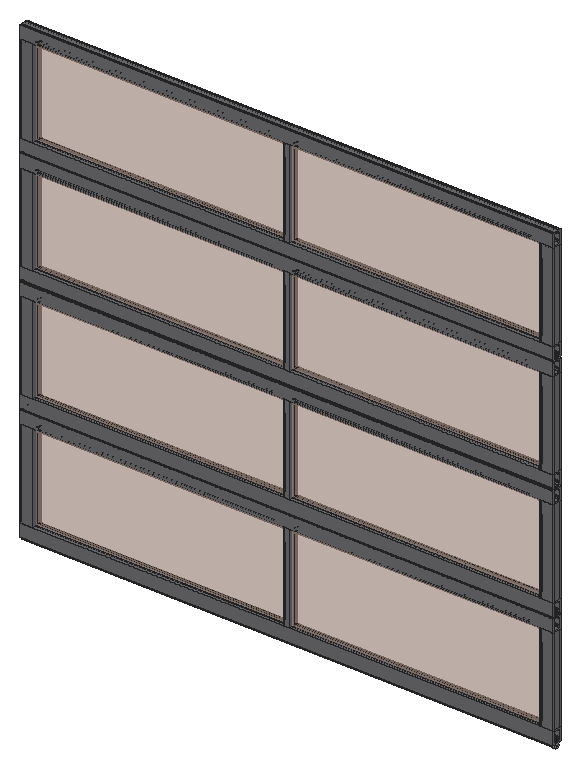
Revit family "GAS 12P CG", category Doors, host Wall, Revit 2024 (continued)
Automatic sketch dimensions
  Extrusion 2 sketch curve to Extrusion 2 sketch curve = 4 mm  (x12)
  Extrusion 2 sketch curve to Extrusion 2 sketch curve = 1.8 mm  (x58)
  Extrusion 2 sketch curve to Extrusion 2 sketch curve = 2 mm  (x29)
  Extrusion 2 sketch curve to Extrusion 2 sketch curve = 1.5 mm  (x6)
  Extrusion 2 sketch curve to Extrusion 2 sketch curve = 14 mm  (x6)
  Extrusion 2 sketch curve to Extrusion 2 sketch curve = 2.75 mm  (x6)
  Extrusion 2 sketch curve to Extrusion 2 sketch curve = 20.6 mm  (x3)
  Extrusion 2 sketch curve to Extrusion 2 sketch curve = 0 mm  (x19)
  Extrusion 2 sketch curve to Extrusion 2 sketch curve = 13.15 mm  (x6)
  Extrusion 2 sketch curve to Extrusion 2 sketch curve = 9.4 mm  (x3)
  Extrusion 2 sketch curve to Extrusion 2 sketch curve = 1.6 mm  (x15)
  Extrusion 2 sketch curve to Extrusion 2 sketch curve = 1.75 mm
  plane 5 to Extrusion 2 sketch curve = 438 mm
  Extrusion 2 sketch curve to Extrusion 2 sketch curve = 0.993 mm  (x6)
  Extrusion 2 sketch curve to Extrusion 2 sketch curve = 1.066 mm  (x4)
  Extrusion 2 sketch curve to Extrusion 2 sketch curve = 0.241 mm  (x6)
  Extrusion 2 sketch curve to Extrusion 2 sketch curve = 0.402 mm  (x6)
  Extrusion 2 sketch curve to Extrusion 2 sketch curve = 0.493 mm  (x3)
  Extrusion 2 sketch curve to Extrusion 2 sketch curve = 1.205 mm  (x4)
  Extrusion 2 sketch curve to Extrusion 2 sketch curve = 7.947 mm  (x6)
  Extrusion 2 sketch curve to Extrusion 2 sketch curve = 10.547 mm  (x6)
  Extrusion 2 sketch curve to Extrusion 2 sketch curve = 0.953 mm  (x48)
  Extrusion 2 sketch curve to Extrusion 2 sketch curve = 3 mm  (x24)
  Extrusion 2 sketch curve to Extrusion 2 sketch curve = 25.295 mm  (x12)
  Extrusion 2 sketch curve to Extrusion 2 sketch curve = 7.147 mm  (x12)
  Extrusion 2 sketch curve to Extrusion 2 sketch curve = 6 mm  (x6)
  Extrusion 2 sketch curve to Extrusion 2 sketch curve = 0.8 mm  (x3)
  Extrusion 2 sketch curve to Extrusion 2 sketch curve = 1.293 mm  (x5)
  Extrusion 2 sketch curve to Extrusion 2 sketch curve = 413 mm  (x2)
  Extrusion 3 sketch curve to level = 0 mm
  Extrusion 3 sketch curve to plane 12 = 32.1 mm
  Extrusion 3 sketch curve to Extrusion 3 sketch curve = 5 mm  (x2)
  Extrusion 3 sketch curve to Extrusion 3 sketch curve = 2 mm  (x2)
  level to Extrusion 3 sketch curve = 2.881 mm
  Extrusion 3 sketch curve to Extrusion 3 sketch curve = 3 mm  (x2)
  Extrusion 3 sketch curve to Extrusion 3 sketch curve = 6 mm
  Extrusion 3 sketch curve to Extrusion 3 sketch curve = 11.123 mm
  Extrusion 3 sketch curve to Extrusion 3 sketch curve = 0 mm  (x4)
  Extrusion 3 sketch curve to Extrusion 3 sketch curve = 0.629 mm
  Extrusion 3 sketch curve to Extrusion 3 sketch curve = 2.276 mm
  Extrusion 3 sketch curve to Extrusion 3 sketch curve = 2.905 mm
  Extrusion 3 sketch curve to Extrusion 3 sketch curve = 1.368 mm
  Extrusion 3 sketch curve to Extrusion 3 sketch curve = 4.624 mm
  Extrusion 4 sketch curve to plane 12 = 41.25 mm  (x3)
  Extrusion 4 sketch curve to Extrusion 4 sketch curve = 0 mm  (x27)
  Extrusion 4 sketch curve to Extrusion 4 sketch curve = 2.5 mm  (x24)
  Extrusion 4 sketch curve to Extrusion 4 sketch curve = 1 mm  (x24)
  Extrusion 4 sketch curve to plane 12 = 8.95 mm  (x6)
  level to Extrusion 4 sketch curve = 549.846 mm
  Extrusion 4 sketch curve to Extrusion 4 sketch curve = 2.027 mm  (x15)
  Extrusion 4 sketch curve to Extrusion 4 sketch curve = 6.253 mm  (x6)
  Extrusion 4 sketch curve to Extrusion 4 sketch curve = 526.693 mm
  plane 5 to Extrusion 4 sketch curve = 507.154 mm
  Extrusion 4 sketch curve to Extrusion 4 sketch curve = 2.489 mm  (x12)
  Extrusion 4 sketch curve to Extrusion 4 sketch curve = 1.503 mm  (x12)
  Extrusion 5 sketch curve to plane 10 "Garage Right" = 0 mm  (x3)
  Extrusion 5 sketch curve to plane 9 "Garage Left" = 0 mm  (x3)
  plane 10 "Garage Right" to Extrusion 5 sketch curve = 1.8 mm  (x4)
  Extrusion 5 sketch curve to Extrusion 5 sketch curve = 0 mm  (x3)
  Extrusion 5 sketch curve to Extrusion 5 sketch curve = 2 mm  (x6)
  Extrusion 5 sketch curve to Extrusion 5 sketch curve = 1.6 mm  (x4)
  Extrusion 5 sketch curve to Extrusion 5 sketch curve = 7.147 mm  (x2)
  Extrusion 5 sketch curve to plane 12 = 1.85 mm  (x6)
  Extrusion 5 sketch curve to Extrusion 5 sketch curve = 0.953 mm  (x16)
  Extrusion 5 sketch curve to plane 12 = 2.4 mm  (x4)
  Extrusion 5 sketch curve to Extrusion 5 sketch curve = 3 mm  (x8)
  Extrusion 5 sketch curve to plane 3 "Left" = 12.747 mm  (x2)
  Extrusion 5 sketch curve to Extrusion 5 sketch curve = 7.947 mm  (x2)
  Extrusion 5 sketch curve to Extrusion 5 sketch curve = 1.8 mm  (x22)
  Extrusion 5 sketch curve to Extrusion 5 sketch curve = 0.8 mm  (x3)
  Extrusion 5 sketch curve to Extrusion 5 sketch curve = 1.205 mm  (x3)
  Extrusion 5 sketch curve to Extrusion 5 sketch curve = 1.293 mm  (x3)
  Extrusion 5 sketch curve to Extrusion 5 sketch curve = 0.241 mm  (x4)
  Extrusion 5 sketch curve to Extrusion 5 sketch curve = 0.402 mm  (x4)
  Extrusion 5 sketch curve to plane 12 = 0.1 mm  (x3)
  Extrusion 5 sketch curve to plane 2 "Center (Left/Right)" = 15 mm  (x2)
  Extrusion 5 sketch curve to Extrusion 5 sketch curve = 0.993 mm  (x2)
  Extrusion 5 sketch curve to Extrusion 5 sketch curve = 1.066 mm  (x3)
  Extrusion 5 sketch curve to Extrusion 5 sketch curve = 0.405 mm
  plane 2 "Center (Left/Right)" to Extrusion 5 sketch curve = 10.6 mm
  Extrusion 5 sketch curve to Extrusion 5 sketch curve = 2.6 mm
  plane 4 "Right" to Extrusion 5 sketch curve = 30 mm
  Extrusion 5 sketch curve to plane 12 = 10.1 mm
  Extrusion 5 sketch curve to plane 12 = 8.6 mm
  Extrusion 5 sketch curve to Extrusion 5 sketch curve = 0.493 mm
  Extrusion 5 sketch curve to Extrusion 5 sketch curve = 10.547 mm
  Extrusion 5 sketch curve to plane 4 "Right" = 12.547 mm  (x2)
  plane 9 "Garage Left" to Extrusion 5 sketch curve = 5.4 mm  (x2)
  plane 9 "Garage Left" to Extrusion 5 sketch curve = 1.8 mm  (x4)
  Extrusion 5 sketch curve to Extrusion 5 sketch curve = 8.25 mm  (x2)
  Extrusion 5 sketch curve to plane 12 = 11.8 mm
  Extrusion 5 sketch curve to Extrusion 5 sketch curve = 9.95 mm
  Extrusion 5 sketch curve to Extrusion 5 sketch curve = 14 mm  (x2)
  Extrusion 5 sketch curve to Extrusion 5 sketch curve = 22.25 mm
  Extrusion 5 sketch curve to Extrusion 5 sketch curve = 24 mm
  Extrusion 5 sketch curve to Extrusion 5 sketch curve = 2.75 mm  (x4)
  Extrusion 5 sketch curve to Extrusion 5 sketch curve = 20.6 mm  (x2)
  Extrusion 5 sketch curve to Extrusion 5 sketch curve = 4 mm  (x3)
  Extrusion 5 sketch curve to Extrusion 5 sketch curve = 13.15 mm  (x2)
  Extrusion 5 sketch curve to Extrusion 5 sketch curve = 9.4 mm  (x2)
  Extrusion 5 sketch curve to Extrusion 5 sketch curve = 2.1 mm  (x2)
  Extrusion 5 sketch curve to Extrusion 5 sketch curve = 0.55 mm  (x5)
  Extrusion 5 sketch curve to Extrusion 5 sketch curve = 0.05 mm  (x2)
  Extrusion 5 sketch curve to Extrusion 5 sketch curve = 13.7 mm
  Extrusion 5 sketch curve to Extrusion 5 sketch curve = 1.75 mm  (x2)
  Extrusion 5 sketch curve to Extrusion 5 sketch curve = 10 mm
  Extrusion 5 sketch curve to Extrusion 5 sketch curve = 1.5 mm  (x3)
  Extrusion 5 sketch curve to Extrusion 5 sketch curve = 3.9 mm
  Extrusion 5 sketch curve to plane 12 = 1.9 mm  (x2)
  Extrusion 6 sketch curve to plane 10 "Garage Right" = 0 mm  (x3)
  Extrusion 6 sketch curve to plane 9 "Garage Left" = 0 mm  (x3)
  Extrusion 6 sketch curve to Extrusion 6 sketch curve = 1.8 mm  (x24)
  Extrusion 6 sketch curve to Extrusion 6 sketch curve = 0 mm  (x3)
  plane 10 "Garage Right" to Extrusion 6 sketch curve = 1.8 mm  (x2)
  Extrusion 6 sketch curve to Extrusion 6 sketch curve = 2 mm  (x6)
  Extrusion 6 sketch curve to Extrusion 6 sketch curve = 1.6 mm  (x4)
  Extrusion 6 sketch curve to Extrusion 6 sketch curve = 7.147 mm  (x2)
  Extrusion 6 sketch curve to plane 12 = 1.85 mm  (x6)
  Extrusion 6 sketch curve to Extrusion 6 sketch curve = 0.953 mm  (x16)
  Extrusion 6 sketch curve to plane 12 = 2.4 mm  (x4)
  Extrusion 6 sketch curve to Extrusion 6 sketch curve = 3 mm  (x8)
  Extrusion 6 sketch curve to plane 3 "Left" = 12.747 mm  (x2)
  Extrusion 6 sketch curve to Extrusion 6 sketch curve = 7.947 mm  (x2)
  Extrusion 6 sketch curve to Extrusion 6 sketch curve = 0.8 mm  (x3)
  Extrusion 6 sketch curve to Extrusion 6 sketch curve = 1.205 mm  (x3)
  Extrusion 6 sketch curve to Extrusion 6 sketch curve = 1.293 mm  (x3)
  Extrusion 6 sketch curve to Extrusion 6 sketch curve = 0.241 mm  (x4)
  Extrusion 6 sketch curve to Extrusion 6 sketch curve = 0.402 mm  (x4)
  Extrusion 6 sketch curve to plane 12 = 0.1 mm  (x3)
  Extrusion 6 sketch curve to plane 2 "Center (Left/Right)" = 15 mm  (x2)
  Extrusion 6 sketch curve to Extrusion 6 sketch curve = 0.993 mm  (x2)
  Extrusion 6 sketch curve to Extrusion 6 sketch curve = 1.066 mm  (x3)
  Extrusion 6 sketch curve to Extrusion 6 sketch curve = 0.405 mm
  plane 2 "Center (Left/Right)" to Extrusion 6 sketch curve = 10.6 mm
  Extrusion 6 sketch curve to Extrusion 6 sketch curve = 2.6 mm
  plane 4 "Right" to Extrusion 6 sketch curve = 30 mm
  Extrusion 6 sketch curve to plane 12 = 10.1 mm
  Extrusion 6 sketch curve to plane 12 = 8.6 mm
  Extrusion 6 sketch curve to Extrusion 6 sketch curve = 0.493 mm
  Extrusion 6 sketch curve to Extrusion 6 sketch curve = 10.547 mm
  Extrusion 6 sketch curve to plane 4 "Right" = 12.547 mm  (x2)
  plane 9 "Garage Left" to Extrusion 6 sketch curve = 5.4 mm  (x2)
  plane 9 "Garage Left" to Extrusion 6 sketch curve = 1.8 mm  (x4)
  Extrusion 6 sketch curve to Extrusion 6 sketch curve = 8.25 mm  (x2)
  Extrusion 6 sketch curve to plane 12 = 11.8 mm
  Extrusion 6 sketch curve to Extrusion 6 sketch curve = 9.95 mm
  Extrusion 6 sketch curve to Extrusion 6 sketch curve = 14 mm  (x2)
  Extrusion 6 sketch curve to Extrusion 6 sketch curve = 22.25 mm
  Extrusion 6 sketch curve to Extrusion 6 sketch curve = 24 mm
  Extrusion 6 sketch curve to Extrusion 6 sketch curve = 2.75 mm  (x4)
  Extrusion 6 sketch curve to Extrusion 6 sketch curve = 20.6 mm  (x2)
  Extrusion 6 sketch curve to Extrusion 6 sketch curve = 4 mm  (x3)
  Extrusion 6 sketch curve to Extrusion 6 sketch curve = 13.15 mm  (x2)
  Extrusion 6 sketch curve to Extrusion 6 sketch curve = 9.4 mm  (x2)
  Extrusion 6 sketch curve to Extrusion 6 sketch curve = 2.1 mm  (x2)
  Extrusion 6 sketch curve to Extrusion 6 sketch curve = 0.55 mm  (x5)
  Extrusion 6 sketch curve to Extrusion 6 sketch curve = 0.05 mm  (x2)
  Extrusion 6 sketch curve to Extrusion 6 sketch curve = 13.7 mm
  Extrusion 6 sketch curve to Extrusion 6 sketch curve = 1.75 mm  (x2)
  Extrusion 6 sketch curve to Extrusion 6 sketch curve = 10 mm
  Extrusion 6 sketch curve to Extrusion 6 sketch curve = 1.5 mm  (x3)
  Extrusion 6 sketch curve to Extrusion 6 sketch curve = 3.9 mm
  Extrusion 6 sketch curve to plane 12 = 1.9 mm  (x2)
  Extrusion 7 sketch curve to plane 10 "Garage Right" = 0 mm  (x3)
  Extrusion 7 sketch curve to plane 9 "Garage Left" = 0 mm  (x3)
  Extrusion 7 sketch curve to Extrusion 7 sketch curve = 1.8 mm  (x24)
  Extrusion 7 sketch curve to Extrusion 7 sketch curve = 0 mm  (x3)
  plane 10 "Garage Right" to Extrusion 7 sketch curve = 1.8 mm  (x2)
  Extrusion 7 sketch curve to Extrusion 7 sketch curve = 2 mm  (x6)
  Extrusion 7 sketch curve to Extrusion 7 sketch curve = 1.6 mm  (x4)
  Extrusion 7 sketch curve to Extrusion 7 sketch curve = 7.147 mm  (x2)
  Extrusion 7 sketch curve to plane 12 = 1.85 mm  (x6)
  Extrusion 7 sketch curve to Extrusion 7 sketch curve = 0.953 mm  (x16)
  Extrusion 7 sketch curve to plane 12 = 2.4 mm  (x4)
  Extrusion 7 sketch curve to Extrusion 7 sketch curve = 3 mm  (x8)
  Extrusion 7 sketch curve to plane 3 "Left" = 12.747 mm  (x2)
  Extrusion 7 sketch curve to Extrusion 7 sketch curve = 7.947 mm  (x2)
  Extrusion 7 sketch curve to Extrusion 7 sketch curve = 0.8 mm  (x3)
  Extrusion 7 sketch curve to Extrusion 7 sketch curve = 1.205 mm  (x3)
  Extrusion 7 sketch curve to Extrusion 7 sketch curve = 1.293 mm  (x3)
  Extrusion 7 sketch curve to Extrusion 7 sketch curve = 0.241 mm  (x4)
  Extrusion 7 sketch curve to Extrusion 7 sketch curve = 0.402 mm  (x4)
  Extrusion 7 sketch curve to plane 12 = 0.1 mm  (x3)
  Extrusion 7 sketch curve to plane 2 "Center (Left/Right)" = 15 mm  (x2)
  Extrusion 7 sketch curve to Extrusion 7 sketch curve = 0.993 mm  (x2)
  Extrusion 7 sketch curve to Extrusion 7 sketch curve = 1.066 mm  (x3)
  Extrusion 7 sketch curve to Extrusion 7 sketch curve = 0.405 mm
  plane 2 "Center (Left/Right)" to Extrusion 7 sketch curve = 10.6 mm
  Extrusion 7 sketch curve to Extrusion 7 sketch curve = 2.6 mm
  plane 4 "Right" to Extrusion 7 sketch curve = 30 mm
  Extrusion 7 sketch curve to plane 12 = 10.1 mm
  Extrusion 7 sketch curve to plane 12 = 8.6 mm
  Extrusion 7 sketch curve to Extrusion 7 sketch curve = 0.493 mm
  Extrusion 7 sketch curve to Extrusion 7 sketch curve = 10.547 mm
  Extrusion 7 sketch curve to plane 4 "Right" = 12.547 mm  (x2)
  plane 9 "Garage Left" to Extrusion 7 sketch curve = 5.4 mm  (x2)
  plane 9 "Garage Left" to Extrusion 7 sketch curve = 1.8 mm  (x4)
  Extrusion 7 sketch curve to Extrusion 7 sketch curve = 8.25 mm  (x2)
  Extrusion 7 sketch curve to plane 12 = 11.8 mm
  Extrusion 7 sketch curve to Extrusion 7 sketch curve = 9.95 mm
  Extrusion 7 sketch curve to Extrusion 7 sketch curve = 14 mm  (x2)
  Extrusion 7 sketch curve to Extrusion 7 sketch curve = 22.25 mm
  Extrusion 7 sketch curve to Extrusion 7 sketch curve = 24 mm
  Extrusion 7 sketch curve to Extrusion 7 sketch curve = 2.75 mm  (x4)
  Extrusion 7 sketch curve to Extrusion 7 sketch curve = 20.6 mm  (x2)
  Extrusion 7 sketch curve to Extrusion 7 sketch curve = 4 mm  (x3)
  Extrusion 7 sketch curve to Extrusion 7 sketch curve = 13.15 mm  (x2)
  Extrusion 7 sketch curve to Extrusion 7 sketch curve = 9.4 mm  (x2)
  Extrusion 7 sketch curve to Extrusion 7 sketch curve = 2.1 mm  (x2)
  Extrusion 7 sketch curve to Extrusion 7 sketch curve = 0.55 mm  (x5)
  Extrusion 7 sketch curve to Extrusion 7 sketch curve = 0.05 mm  (x2)
  Extrusion 7 sketch curve to Extrusion 7 sketch curve = 13.7 mm
  Extrusion 7 sketch curve to Extrusion 7 sketch curve = 1.75 mm  (x2)
  Extrusion 7 sketch curve to Extrusion 7 sketch curve = 10 mm
  Extrusion 7 sketch curve to Extrusion 7 sketch curve = 1.5 mm  (x3)
  Extrusion 7 sketch curve to Extrusion 7 sketch curve = 3.9 mm
  Extrusion 7 sketch curve to plane 12 = 1.9 mm  (x2)
  Extrusion 8 sketch curve to plane 10 "Garage Right" = 0 mm  (x3)
  Extrusion 8 sketch curve to plane 9 "Garage Left" = 0 mm  (x3)
  plane 10 "Garage Right" to Extrusion 8 sketch curve = 1.8 mm  (x4)
  Extrusion 8 sketch curve to Extrusion 8 sketch curve = 0 mm  (x3)
  Extrusion 8 sketch curve to Extrusion 8 sketch curve = 2 mm  (x6)
  Extrusion 8 sketch curve to Extrusion 8 sketch curve = 1.6 mm  (x4)
  Extrusion 8 sketch curve to Extrusion 8 sketch curve = 7.147 mm  (x2)
  Extrusion 8 sketch curve to plane 12 = 1.85 mm  (x6)
  Extrusion 8 sketch curve to Extrusion 8 sketch curve = 0.953 mm  (x16)
  Extrusion 8 sketch curve to plane 12 = 2.4 mm  (x4)
  Extrusion 8 sketch curve to Extrusion 8 sketch curve = 3 mm  (x8)
  Extrusion 8 sketch curve to plane 3 "Left" = 12.747 mm  (x2)
  Extrusion 8 sketch curve to Extrusion 8 sketch curve = 7.947 mm  (x2)
  Extrusion 8 sketch curve to Extrusion 8 sketch curve = 1.8 mm  (x22)
  Extrusion 8 sketch curve to Extrusion 8 sketch curve = 0.8 mm  (x3)
  Extrusion 8 sketch curve to Extrusion 8 sketch curve = 1.205 mm  (x3)
  Extrusion 8 sketch curve to Extrusion 8 sketch curve = 1.293 mm  (x3)
  Extrusion 8 sketch curve to Extrusion 8 sketch curve = 0.241 mm  (x4)
  Extrusion 8 sketch curve to Extrusion 8 sketch curve = 0.402 mm  (x4)
  Extrusion 8 sketch curve to plane 12 = 0.1 mm  (x3)
  Extrusion 8 sketch curve to plane 2 "Center (Left/Right)" = 15 mm  (x2)
  Extrusion 8 sketch curve to Extrusion 8 sketch curve = 0.993 mm  (x2)
  Extrusion 8 sketch curve to Extrusion 8 sketch curve = 1.066 mm  (x3)
  Extrusion 8 sketch curve to Extrusion 8 sketch curve = 0.405 mm
  plane 2 "Center (Left/Right)" to Extrusion 8 sketch curve = 10.6 mm
  Extrusion 8 sketch curve to Extrusion 8 sketch curve = 2.6 mm
  plane 4 "Right" to Extrusion 8 sketch curve = 30 mm
  Extrusion 8 sketch curve to plane 12 = 10.1 mm
  Extrusion 8 sketch curve to plane 12 = 8.6 mm
  Extrusion 8 sketch curve to Extrusion 8 sketch curve = 0.493 mm
  Extrusion 8 sketch curve to Extrusion 8 sketch curve = 10.547 mm
  Extrusion 8 sketch curve to plane 4 "Right" = 12.547 mm  (x2)
  plane 9 "Garage Left" to Extrusion 8 sketch curve = 5.4 mm  (x2)
  plane 9 "Garage Left" to Extrusion 8 sketch curve = 1.8 mm  (x4)
  Extrusion 8 sketch curve to Extrusion 8 sketch curve = 8.25 mm  (x2)
  Extrusion 8 sketch curve to plane 12 = 11.8 mm
  Extrusion 8 sketch curve to Extrusion 8 sketch curve = 9.95 mm
  Extrusion 8 sketch curve to Extrusion 8 sketch curve = 14 mm  (x2)
  Extrusion 8 sketch curve to Extrusion 8 sketch curve = 22.25 mm
  Extrusion 8 sketch curve to Extrusion 8 sketch curve = 24 mm
  Extrusion 8 sketch curve to Extrusion 8 sketch curve = 2.75 mm  (x4)
  Extrusion 8 sketch curve to Extrusion 8 sketch curve = 20.6 mm  (x2)
  Extrusion 8 sketch curve to Extrusion 8 sketch curve = 4 mm  (x3)
  Extrusion 8 sketch curve to Extrusion 8 sketch curve = 13.15 mm  (x2)
  Extrusion 8 sketch curve to Extrusion 8 sketch curve = 9.4 mm  (x2)
  Extrusion 8 sketch curve to Extrusion 8 sketch curve = 2.1 mm  (x2)
  Extrusion 8 sketch curve to Extrusion 8 sketch curve = 0.55 mm  (x5)
  Extrusion 8 sketch curve to Extrusion 8 sketch curve = 0.05 mm  (x2)
  Extrusion 8 sketch curve to Extrusion 8 sketch curve = 13.7 mm
  Extrusion 8 sketch curve to Extrusion 8 sketch curve = 1.75 mm  (x2)
  Extrusion 8 sketch curve to Extrusion 8 sketch curve = 10 mm
  Extrusion 8 sketch curve to Extrusion 8 sketch curve = 1.5 mm  (x3)
  Extrusion 8 sketch curve to Extrusion 8 sketch curve = 3.9 mm
  Extrusion 8 sketch curve to plane 12 = 1.9 mm  (x2)
  plane 2 "Center (Left/Right)" to Sweep 9 sketch curve = 15 mm
  plane 4 "Right" to Sweep 9 sketch curve = 30.007 mm
  level to Sweep 9 sketch curve = 79.909 mm
  Sweep 9 sketch curve to Sweep 9 sketch curve = 413.091 mm
  Sweep 9 sketch curve to profile plane = 0 mm
  profile plane to Sweep 9 sketch curve = 0.833 mm
  profile plane to Sweep 9 sketch curve = 1.4 mm
  Sweep 9 sketch curve to Sweep 9 sketch curve = 0.567 mm
  Sweep 9 sketch curve to Sweep 9 sketch curve = 0.2 mm
  Sweep 9 sketch curve to Sweep 9 sketch curve = 0.5 mm  (x3)
  Sweep 9 sketch curve to profile plane = 0.455 mm
  Sweep 9 sketch curve to profile plane = 0.6 mm
  Sweep 9 sketch curve to Sweep 9 sketch curve = 0.333 mm
  Sweep 9 sketch curve to profile plane = 6.899 mm
  Sweep 9 sketch curve to Sweep 9 sketch curve = 1.1 mm
  Sweep 9 sketch curve to Sweep 9 sketch curve = 1.4 mm  (x2)
  Sweep 9 sketch curve to Sweep 9 sketch curve = 1.422 mm
  Sweep 9 sketch curve to Sweep 9 sketch curve = 0.778 mm  (x2)
  Sweep 9 sketch curve to Sweep 9 sketch curve = 2.987 mm
  Sweep 9 sketch curve to Sweep 9 sketch curve = 0.018 mm
  Sweep 9 sketch curve to Sweep 9 sketch curve = 0.095 mm
  Sweep 9 sketch curve to Sweep 9 sketch curve = 0.868 mm
  Sweep 9 sketch curve to Sweep 9 sketch curve = 1.122 mm  (x2)
  Sweep 9 sketch curve to Sweep 9 sketch curve = 0.47 mm
  Sweep 9 sketch curve to Sweep 9 sketch curve = 0.807 mm
  Sweep 9 sketch curve to Sweep 9 sketch curve = 1.2 mm
  profile plane to Sweep 9 sketch curve = 54.681 mm
  Sweep 9 sketch curve to Sweep 9 sketch curve = 0.212 mm
  Sweep 9 sketch curve to Sweep 9 sketch curve = 1.3 mm
  Sweep 9 sketch curve to Sweep 9 sketch curve = 1.535 mm
  Sweep 9 sketch curve to Sweep 9 sketch curve = 0.7 mm
  Sweep 9 sketch curve to Sweep 9 sketch curve = 0.3 mm  (x2)
  Sweep 9 sketch curve to Sweep 9 sketch curve = 0.6 mm
  Sweep 9 sketch curve to Sweep 9 sketch curve = 7.377 mm
  Sweep 9 sketch curve to Sweep 9 sketch curve = 0.456 mm
  Sweep 9 sketch curve to Sweep 9 sketch curve = 0.922 mm
  Sweep 9 sketch curve to Sweep 9 sketch curve = 0.163 mm
  Sweep 9 sketch curve to Sweep 9 sketch curve = 1.244 mm
  Sweep 9 sketch curve to Sweep 9 sketch curve = 0.394 mm
  Sweep 9 sketch curve to Sweep 9 sketch curve = 0.4 mm
  Sweep 9 sketch curve to Sweep 9 sketch curve = 0.837 mm
  Sweep 9 sketch curve to Sweep 9 sketch curve = 2.5 mm
  Extrusion 10 sketch curve to plane 12 = 29.416 mm
  Extrusion 10 sketch curve to Extrusion 10 sketch curve = 6 mm
  level to Extrusion 10 sketch curve = 493 mm
  level to Extrusion 10 sketch curve = 79.909 mm
  Extrusion 11 sketch curve to plane 12 = 29.416 mm
  Extrusion 11 sketch curve to Extrusion 11 sketch curve = 6 mm
  level to Extrusion 11 sketch curve = 1032 mm
  Extrusion 11 sketch curve to Extrusion 11 sketch curve = 413 mm
  Extrusion 12 sketch curve to plane 12 = 29.416 mm
  Extrusion 12 sketch curve to Extrusion 12 sketch curve = 6 mm
  plane 5 to Extrusion 12 sketch curve = 564 mm
  Extrusion 12 sketch curve to Extrusion 12 sketch curve = 413 mm
  Extrusion 13 sketch curve to plane 12 = 29.416 mm
  Extrusion 13 sketch curve to Extrusion 13 sketch curve = 6 mm
  plane 5 to Extrusion 13 sketch curve = 25 mm
  Extrusion 13 sketch curve to Extrusion 13 sketch curve = 413 mm
  Extrusion 14 sketch curve to plane 12 = 29.416 mm
  Extrusion 14 sketch curve to Extrusion 14 sketch curve = 6 mm
  level to Extrusion 14 sketch curve = 79.909 mm
  Extrusion 14 sketch curve to Extrusion 14 sketch curve = 413.091 mm
  Extrusion 15 sketch curve to plane 12 = 29.416 mm
  Extrusion 15 sketch curve to Extrusion 15 sketch curve = 6 mm
  level to Extrusion 15 sketch curve = 619 mm
  Extrusion 15 sketch curve to Extrusion 15 sketch curve = 413 mm
  Extrusion 16 sketch curve to plane 12 = 29.416 mm
  Extrusion 16 sketch curve to Extrusion 16 sketch curve = 6 mm
  plane 5 to Extrusion 16 sketch curve = 977 mm
  Extrusion 16 sketch curve to Extrusion 16 sketch curve = 413 mm
  Extrusion 17 sketch curve to plane 12 = 29.416 mm
  Extrusion 17 sketch curve to Extrusion 17 sketch curve = 6 mm
  plane 5 to Extrusion 17 sketch curve = 438 mm
  plane 5 to Extrusion 17 sketch curve = 25 mm
  plane 2 "Center (Left/Right)" to Sweep 18 sketch curve = 15 mm
  plane 4 "Right" to Sweep 18 sketch curve = 30.007 mm
  level to Sweep 18 sketch curve = 618.909 mm
  Sweep 18 sketch curve to Sweep 18 sketch curve = 413.091 mm
  Sweep 18 sketch curve to profile plane = 0 mm
  profile plane to Sweep 18 sketch curve = 0.833 mm
  profile plane to Sweep 18 sketch curve = 1.4 mm
  Sweep 18 sketch curve to Sweep 18 sketch curve = 0.567 mm
  Sweep 18 sketch curve to Sweep 18 sketch curve = 0.2 mm
  Sweep 18 sketch curve to Sweep 18 sketch curve = 0.5 mm  (x3)
  Sweep 18 sketch curve to profile plane = 0.455 mm
  Sweep 18 sketch curve to profile plane = 0.6 mm
  Sweep 18 sketch curve to Sweep 18 sketch curve = 0.333 mm
  Sweep 18 sketch curve to profile plane = 6.899 mm
  Sweep 18 sketch curve to Sweep 18 sketch curve = 1.1 mm
  Sweep 18 sketch curve to Sweep 18 sketch curve = 1.4 mm  (x2)
  Sweep 18 sketch curve to Sweep 18 sketch curve = 1.422 mm
  Sweep 18 sketch curve to Sweep 18 sketch curve = 0.778 mm  (x2)
  Sweep 18 sketch curve to Sweep 18 sketch curve = 2.987 mm
  Sweep 18 sketch curve to Sweep 18 sketch curve = 0.018 mm
  Sweep 18 sketch curve to Sweep 18 sketch curve = 0.095 mm
  Sweep 18 sketch curve to Sweep 18 sketch curve = 0.868 mm
  Sweep 18 sketch curve to Sweep 18 sketch curve = 1.122 mm  (x2)
  Sweep 18 sketch curve to Sweep 18 sketch curve = 0.47 mm
  Sweep 18 sketch curve to Sweep 18 sketch curve = 0.807 mm
  Sweep 18 sketch curve to Sweep 18 sketch curve = 1.2 mm
  profile plane to Sweep 18 sketch curve = 54.681 mm
  Sweep 18 sketch curve to Sweep 18 sketch curve = 0.212 mm
  Sweep 18 sketch curve to Sweep 18 sketch curve = 1.3 mm
  Sweep 18 sketch curve to Sweep 18 sketch curve = 1.535 mm
  Sweep 18 sketch curve to Sweep 18 sketch curve = 0.7 mm
  Sweep 18 sketch curve to Sweep 18 sketch curve = 0.3 mm  (x2)
  Sweep 18 sketch curve to Sweep 18 sketch curve = 0.6 mm
  Sweep 18 sketch curve to Sweep 18 sketch curve = 7.377 mm
  Sweep 18 sketch curve to Sweep 18 sketch curve = 0.456 mm
  Sweep 18 sketch curve to Sweep 18 sketch curve = 0.922 mm
  Sweep 18 sketch curve to Sweep 18 sketch curve = 0.163 mm
  Sweep 18 sketch curve to Sweep 18 sketch curve = 1.244 mm
  Sweep 18 sketch curve to Sweep 18 sketch curve = 0.394 mm
  Sweep 18 sketch curve to Sweep 18 sketch curve = 0.4 mm
  Sweep 18 sketch curve to Sweep 18 sketch curve = 0.837 mm
  Sweep 18 sketch curve to Sweep 18 sketch curve = 2.5 mm
  plane 2 "Center (Left/Right)" to Sweep 19 sketch curve = 15 mm
  plane 4 "Right" to Sweep 19 sketch curve = 30.007 mm
  plane 5 to Sweep 19 sketch curve = 977.091 mm
  Sweep 19 sketch curve to Sweep 19 sketch curve = 413.091 mm
  Sweep 19 sketch curve to profile plane = 0 mm
  profile plane to Sweep 19 sketch curve = 0.833 mm
  profile plane to Sweep 19 sketch curve = 1.4 mm
  Sweep 19 sketch curve to Sweep 19 sketch curve = 0.567 mm
  Sweep 19 sketch curve to Sweep 19 sketch curve = 0.2 mm
  Sweep 19 sketch curve to Sweep 19 sketch curve = 0.5 mm  (x3)
  Sweep 19 sketch curve to profile plane = 0.455 mm
  Sweep 19 sketch curve to profile plane = 0.6 mm
  Sweep 19 sketch curve to Sweep 19 sketch curve = 0.333 mm
  Sweep 19 sketch curve to profile plane = 6.899 mm
  Sweep 19 sketch curve to Sweep 19 sketch curve = 1.1 mm
  Sweep 19 sketch curve to Sweep 19 sketch curve = 1.4 mm  (x2)
  Sweep 19 sketch curve to Sweep 19 sketch curve = 1.422 mm
  Sweep 19 sketch curve to Sweep 19 sketch curve = 0.778 mm  (x2)
  Sweep 19 sketch curve to Sweep 19 sketch curve = 2.987 mm
  Sweep 19 sketch curve to Sweep 19 sketch curve = 0.018 mm
  Sweep 19 sketch curve to Sweep 19 sketch curve = 0.095 mm
  Sweep 19 sketch curve to Sweep 19 sketch curve = 0.868 mm
  Sweep 19 sketch curve to Sweep 19 sketch curve = 1.122 mm  (x2)
  Sweep 19 sketch curve to Sweep 19 sketch curve = 0.47 mm
  Sweep 19 sketch curve to Sweep 19 sketch curve = 0.807 mm
  Sweep 19 sketch curve to Sweep 19 sketch curve = 1.2 mm
  profile plane to Sweep 19 sketch curve = 54.681 mm
  Sweep 19 sketch curve to Sweep 19 sketch curve = 0.212 mm
  Sweep 19 sketch curve to Sweep 19 sketch curve = 1.3 mm
  Sweep 19 sketch curve to Sweep 19 sketch curve = 1.535 mm
  Sweep 19 sketch curve to Sweep 19 sketch curve = 0.7 mm
  Sweep 19 sketch curve to Sweep 19 sketch curve = 0.3 mm  (x2)
  Sweep 19 sketch curve to Sweep 19 sketch curve = 0.6 mm
  Sweep 19 sketch curve to Sweep 19 sketch curve = 7.377 mm
  Sweep 19 sketch curve to Sweep 19 sketch curve = 0.456 mm
  Sweep 19 sketch curve to Sweep 19 sketch curve = 0.922 mm
  Sweep 19 sketch curve to Sweep 19 sketch curve = 0.163 mm
  Sweep 19 sketch curve to Sweep 19 sketch curve = 1.244 mm
  Sweep 19 sketch curve to Sweep 19 sketch curve = 0.394 mm
  Sweep 19 sketch curve to Sweep 19 sketch curve = 0.4 mm
  Sweep 19 sketch curve to Sweep 19 sketch curve = 0.837 mm
  Sweep 19 sketch curve to Sweep 19 sketch curve = 2.5 mm
  plane 2 "Center (Left/Right)" to Sweep 20 sketch curve = 15 mm
  plane 4 "Right" to Sweep 20 sketch curve = 30.007 mm
  plane 5 to Sweep 20 sketch curve = 438.091 mm
  plane 5 to Sweep 20 sketch curve = 25 mm
  Sweep 20 sketch curve to profile plane = 0 mm
  profile plane to Sweep 20 sketch curve = 0.833 mm
  profile plane to Sweep 20 sketch curve = 1.4 mm
  Sweep 20 sketch curve to Sweep 20 sketch curve = 0.567 mm
  Sweep 20 sketch curve to Sweep 20 sketch curve = 0.2 mm
  Sweep 20 sketch curve to Sweep 20 sketch curve = 0.5 mm  (x3)
  Sweep 20 sketch curve to profile plane = 0.455 mm
  Sweep 20 sketch curve to profile plane = 0.6 mm
  Sweep 20 sketch curve to Sweep 20 sketch curve = 0.333 mm
  Sweep 20 sketch curve to profile plane = 6.899 mm
  Sweep 20 sketch curve to Sweep 20 sketch curve = 1.1 mm
  Sweep 20 sketch curve to Sweep 20 sketch curve = 1.4 mm  (x2)
  Sweep 20 sketch curve to Sweep 20 sketch curve = 1.422 mm
  Sweep 20 sketch curve to Sweep 20 sketch curve = 0.778 mm  (x2)
  Sweep 20 sketch curve to Sweep 20 sketch curve = 2.987 mm
  Sweep 20 sketch curve to Sweep 20 sketch curve = 0.018 mm
  Sweep 20 sketch curve to Sweep 20 sketch curve = 0.095 mm
  Sweep 20 sketch curve to Sweep 20 sketch curve = 0.868 mm
  Sweep 20 sketch curve to Sweep 20 sketch curve = 1.122 mm  (x2)
  Sweep 20 sketch curve to Sweep 20 sketch curve = 0.47 mm
  Sweep 20 sketch curve to Sweep 20 sketch curve = 0.807 mm
  Sweep 20 sketch curve to Sweep 20 sketch curve = 1.2 mm
  profile plane to Sweep 20 sketch curve = 54.681 mm
  Sweep 20 sketch curve to Sweep 20 sketch curve = 0.212 mm
  Sweep 20 sketch curve to Sweep 20 sketch curve = 1.3 mm
  Sweep 20 sketch curve to Sweep 20 sketch curve = 1.535 mm
  Sweep 20 sketch curve to Sweep 20 sketch curve = 0.7 mm
  Sweep 20 sketch curve to Sweep 20 sketch curve = 0.3 mm  (x2)
  Sweep 20 sketch curve to Sweep 20 sketch curve = 0.6 mm
  Sweep 20 sketch curve to Sweep 20 sketch curve = 7.377 mm
  Sweep 20 sketch curve to Sweep 20 sketch curve = 0.456 mm
  Sweep 20 sketch curve to Sweep 20 sketch curve = 0.922 mm
  Sweep 20 sketch curve to Sweep 20 sketch curve = 0.163 mm
  Sweep 20 sketch curve to Sweep 20 sketch curve = 1.244 mm
  Sweep 20 sketch curve to Sweep 20 sketch curve = 0.394 mm
  Sweep 20 sketch curve to Sweep 20 sketch curve = 0.4 mm
  Sweep 20 sketch curve to Sweep 20 sketch curve = 0.837 mm
  Sweep 20 sketch curve to Sweep 20 sketch curve = 2.5 mm
  Sweep 21 sketch curve to plane 2 "Center (Left/Right)" = 15 mm
  Sweep 21 sketch curve to plane 3 "Left" = 30.007 mm
  level to Sweep 21 sketch curve = 493 mm
  level to Sweep 21 sketch curve = 79.909 mm
  profile plane to Sweep 21 sketch curve = 0 mm
  profile plane to Sweep 21 sketch curve = 0.455 mm
  profile plane to Sweep 21 sketch curve = 0.6 mm
  Sweep 21 sketch curve to Sweep 21 sketch curve = 0.333 mm
  Sweep 21 sketch curve to Sweep 21 sketch curve = 0.5 mm  (x3)
  profile plane to Sweep 21 sketch curve = 6.899 mm
  Sweep 21 sketch curve to Sweep 21 sketch curve = 1.1 mm
  Sweep 21 sketch curve to Sweep 21 sketch curve = 0.3 mm  (x3)
  Sweep 21 sketch curve to Sweep 21 sketch curve = 1.422 mm
  Sweep 21 sketch curve to Sweep 21 sketch curve = 0.778 mm  (x2)
  Sweep 21 sketch curve to Sweep 21 sketch curve = 2.987 mm
  Sweep 21 sketch curve to Sweep 21 sketch curve = 0.018 mm
  Sweep 21 sketch curve to Sweep 21 sketch curve = 0.095 mm
  Sweep 21 sketch curve to Sweep 21 sketch curve = 0.868 mm
  Sweep 21 sketch curve to Sweep 21 sketch curve = 1.122 mm  (x2)
  Sweep 21 sketch curve to Sweep 21 sketch curve = 0.47 mm
  Sweep 21 sketch curve to Sweep 21 sketch curve = 0.807 mm
  Sweep 21 sketch curve to Sweep 21 sketch curve = 1.2 mm
  Sweep 21 sketch curve to profile plane = 0.833 mm
  Sweep 21 sketch curve to profile plane = 1.4 mm
  Sweep 21 sketch curve to Sweep 21 sketch curve = 0.567 mm
  Sweep 21 sketch curve to Sweep 21 sketch curve = 0.2 mm
  profile plane to Sweep 21 sketch curve = 54.681 mm
  Sweep 21 sketch curve to Sweep 21 sketch curve = 0.212 mm
  Sweep 21 sketch curve to Sweep 21 sketch curve = 1.3 mm
  Sweep 21 sketch curve to Sweep 21 sketch curve = 1.535 mm
  Sweep 21 sketch curve to Sweep 21 sketch curve = 0.7 mm
  Sweep 21 sketch curve to Sweep 21 sketch curve = 0.6 mm
  Sweep 21 sketch curve to Sweep 21 sketch curve = 7.377 mm
  Sweep 21 sketch curve to Sweep 21 sketch curve = 0.456 mm
  Sweep 21 sketch curve to Sweep 21 sketch curve = 1.4 mm
  Sweep 21 sketch curve to Sweep 21 sketch curve = 0.922 mm
  Sweep 21 sketch curve to Sweep 21 sketch curve = 0.163 mm
  Sweep 21 sketch curve to Sweep 21 sketch curve = 1.244 mm
  Sweep 21 sketch curve to Sweep 21 sketch curve = 0.394 mm
  Sweep 21 sketch curve to Sweep 21 sketch curve = 0.4 mm
  Sweep 21 sketch curve to Sweep 21 sketch curve = 0.837 mm
  Sweep 21 sketch curve to Sweep 21 sketch curve = 2.5 mm
  Sweep 22 sketch curve to plane 2 "Center (Left/Right)" = 15 mm
  Sweep 22 sketch curve to plane 3 "Left" = 30.007 mm
  level to Sweep 22 sketch curve = 1032 mm
  Sweep 22 sketch curve to Sweep 22 sketch curve = 413.091 mm
  profile plane to Sweep 22 sketch curve = 0 mm
  profile plane to Sweep 22 sketch curve = 0.455 mm
  profile plane to Sweep 22 sketch curve = 0.6 mm
  Sweep 22 sketch curve to Sweep 22 sketch curve = 0.333 mm
  Sweep 22 sketch curve to Sweep 22 sketch curve = 0.5 mm  (x3)
  profile plane to Sweep 22 sketch curve = 6.899 mm
  Sweep 22 sketch curve to Sweep 22 sketch curve = 1.1 mm
  Sweep 22 sketch curve to Sweep 22 sketch curve = 0.3 mm  (x3)
  Sweep 22 sketch curve to Sweep 22 sketch curve = 1.422 mm
  Sweep 22 sketch curve to Sweep 22 sketch curve = 0.778 mm  (x2)
  Sweep 22 sketch curve to Sweep 22 sketch curve = 2.987 mm
  Sweep 22 sketch curve to Sweep 22 sketch curve = 0.018 mm
  Sweep 22 sketch curve to Sweep 22 sketch curve = 0.095 mm
  Sweep 22 sketch curve to Sweep 22 sketch curve = 0.868 mm
  Sweep 22 sketch curve to Sweep 22 sketch curve = 1.122 mm  (x2)
  Sweep 22 sketch curve to Sweep 22 sketch curve = 0.47 mm
  Sweep 22 sketch curve to Sweep 22 sketch curve = 0.807 mm
  Sweep 22 sketch curve to Sweep 22 sketch curve = 1.2 mm
  Sweep 22 sketch curve to profile plane = 0.833 mm
  Sweep 22 sketch curve to profile plane = 1.4 mm
  Sweep 22 sketch curve to Sweep 22 sketch curve = 0.567 mm
  Sweep 22 sketch curve to Sweep 22 sketch curve = 0.2 mm
  profile plane to Sweep 22 sketch curve = 54.681 mm
  Sweep 22 sketch curve to Sweep 22 sketch curve = 0.212 mm
  Sweep 22 sketch curve to Sweep 22 sketch curve = 1.3 mm
  Sweep 22 sketch curve to Sweep 22 sketch curve = 1.535 mm
  Sweep 22 sketch curve to Sweep 22 sketch curve = 0.7 mm
  Sweep 22 sketch curve to Sweep 22 sketch curve = 0.6 mm
  Sweep 22 sketch curve to Sweep 22 sketch curve = 7.377 mm
  Sweep 22 sketch curve to Sweep 22 sketch curve = 0.456 mm
  Sweep 22 sketch curve to Sweep 22 sketch curve = 1.4 mm
  Sweep 22 sketch curve to Sweep 22 sketch curve = 0.922 mm
  Sweep 22 sketch curve to Sweep 22 sketch curve = 0.163 mm
  Sweep 22 sketch curve to Sweep 22 sketch curve = 1.244 mm
  Sweep 22 sketch curve to Sweep 22 sketch curve = 0.394 mm
  Sweep 22 sketch curve to Sweep 22 sketch curve = 0.4 mm
  Sweep 22 sketch curve to Sweep 22 sketch curve = 0.837 mm
  Sweep 22 sketch curve to Sweep 22 sketch curve = 2.5 mm
  Sweep 23 sketch curve to plane 2 "Center (Left/Right)" = 15 mm
  Sweep 23 sketch curve to plane 3 "Left" = 30.007 mm
  plane 5 to Sweep 23 sketch curve = 564 mm
  Sweep 23 sketch curve to Sweep 23 sketch curve = 413.091 mm
  profile plane to Sweep 23 sketch curve = 0 mm
  profile plane to Sweep 23 sketch curve = 0.455 mm
  profile plane to Sweep 23 sketch curve = 0.6 mm
  Sweep 23 sketch curve to Sweep 23 sketch curve = 0.333 mm
  Sweep 23 sketch curve to Sweep 23 sketch curve = 0.5 mm  (x3)
  profile plane to Sweep 23 sketch curve = 6.899 mm
  Sweep 23 sketch curve to Sweep 23 sketch curve = 1.1 mm
  Sweep 23 sketch curve to Sweep 23 sketch curve = 0.3 mm  (x3)
  Sweep 23 sketch curve to Sweep 23 sketch curve = 1.422 mm
  Sweep 23 sketch curve to Sweep 23 sketch curve = 0.778 mm  (x2)
  Sweep 23 sketch curve to Sweep 23 sketch curve = 2.987 mm
  Sweep 23 sketch curve to Sweep 23 sketch curve = 0.018 mm
  Sweep 23 sketch curve to Sweep 23 sketch curve = 0.095 mm
  Sweep 23 sketch curve to Sweep 23 sketch curve = 0.868 mm
  Sweep 23 sketch curve to Sweep 23 sketch curve = 1.122 mm  (x2)
  Sweep 23 sketch curve to Sweep 23 sketch curve = 0.47 mm
  Sweep 23 sketch curve to Sweep 23 sketch curve = 0.807 mm
  Sweep 23 sketch curve to Sweep 23 sketch curve = 1.2 mm
  Sweep 23 sketch curve to profile plane = 0.833 mm
  Sweep 23 sketch curve to profile plane = 1.4 mm
  Sweep 23 sketch curve to Sweep 23 sketch curve = 0.567 mm
  Sweep 23 sketch curve to Sweep 23 sketch curve = 0.2 mm
  profile plane to Sweep 23 sketch curve = 54.681 mm
  Sweep 23 sketch curve to Sweep 23 sketch curve = 0.212 mm
  Sweep 23 sketch curve to Sweep 23 sketch curve = 1.3 mm
  Sweep 23 sketch curve to Sweep 23 sketch curve = 1.535 mm
  Sweep 23 sketch curve to Sweep 23 sketch curve = 0.7 mm
  Sweep 23 sketch curve to Sweep 23 sketch curve = 0.6 mm
  Sweep 23 sketch curve to Sweep 23 sketch curve = 7.377 mm
  Sweep 23 sketch curve to Sweep 23 sketch curve = 0.456 mm
  Sweep 23 sketch curve to Sweep 23 sketch curve = 1.4 mm
  Sweep 23 sketch curve to Sweep 23 sketch curve = 0.922 mm
  Sweep 23 sketch curve to Sweep 23 sketch curve = 0.163 mm
  Sweep 23 sketch curve to Sweep 23 sketch curve = 1.244 mm
  Sweep 23 sketch curve to Sweep 23 sketch curve = 0.394 mm
  Sweep 23 sketch curve to Sweep 23 sketch curve = 0.4 mm
  Sweep 23 sketch curve to Sweep 23 sketch curve = 0.837 mm
  Sweep 23 sketch curve to Sweep 23 sketch curve = 2.5 mm
  Sweep 24 sketch curve to plane 2 "Center (Left/Right)" = 15 mm
  Sweep 24 sketch curve to plane 3 "Left" = 30.007 mm
  plane 5 to Sweep 24 sketch curve = 25 mm
  Sweep 24 sketch curve to Sweep 24 sketch curve = 413.091 mm
  profile plane to Sweep 24 sketch curve = 0 mm
  profile plane to Sweep 24 sketch curve = 0.455 mm
  profile plane to Sweep 24 sketch curve = 0.6 mm
  Sweep 24 sketch curve to Sweep 24 sketch curve = 0.333 mm
  Sweep 24 sketch curve to Sweep 24 sketch curve = 0.5 mm  (x3)
  profile plane to Sweep 24 sketch curve = 6.899 mm
  Sweep 24 sketch curve to Sweep 24 sketch curve = 1.1 mm
  Sweep 24 sketch curve to Sweep 24 sketch curve = 0.3 mm  (x3)
  Sweep 24 sketch curve to Sweep 24 sketch curve = 1.422 mm
  Sweep 24 sketch curve to Sweep 24 sketch curve = 0.778 mm  (x2)
  Sweep 24 sketch curve to Sweep 24 sketch curve = 2.987 mm
  Sweep 24 sketch curve to Sweep 24 sketch curve = 0.018 mm
  Sweep 24 sketch curve to Sweep 24 sketch curve = 0.095 mm
  Sweep 24 sketch curve to Sweep 24 sketch curve = 0.868 mm
  Sweep 24 sketch curve to Sweep 24 sketch curve = 1.122 mm  (x2)
  Sweep 24 sketch curve to Sweep 24 sketch curve = 0.47 mm
  Sweep 24 sketch curve to Sweep 24 sketch curve = 0.807 mm
  Sweep 24 sketch curve to Sweep 24 sketch curve = 1.2 mm
  Sweep 24 sketch curve to profile plane = 0.833 mm
  Sweep 24 sketch curve to profile plane = 1.4 mm
  Sweep 24 sketch curve to Sweep 24 sketch curve = 0.567 mm
  Sweep 24 sketch curve to Sweep 24 sketch curve = 0.2 mm
  profile plane to Sweep 24 sketch curve = 54.681 mm
  Sweep 24 sketch curve to Sweep 24 sketch curve = 0.212 mm
  Sweep 24 sketch curve to Sweep 24 sketch curve = 1.3 mm
  Sweep 24 sketch curve to Sweep 24 sketch curve = 1.535 mm
  Sweep 24 sketch curve to Sweep 24 sketch curve = 0.7 mm
  Sweep 24 sketch curve to Sweep 24 sketch curve = 0.6 mm
  Sweep 24 sketch curve to Sweep 24 sketch curve = 7.377 mm
  Sweep 24 sketch curve to Sweep 24 sketch curve = 0.456 mm
  Sweep 24 sketch curve to Sweep 24 sketch curve = 1.4 mm
  Sweep 24 sketch curve to Sweep 24 sketch curve = 0.922 mm
  Sweep 24 sketch curve to Sweep 24 sketch curve = 0.163 mm
  Sweep 24 sketch curve to Sweep 24 sketch curve = 1.244 mm
  Sweep 24 sketch curve to Sweep 24 sketch curve = 0.394 mm
  Sweep 24 sketch curve to Sweep 24 sketch curve = 0.4 mm
  Sweep 24 sketch curve to Sweep 24 sketch curve = 0.837 mm
  Sweep 24 sketch curve to Sweep 24 sketch curve = 2.5 mm
